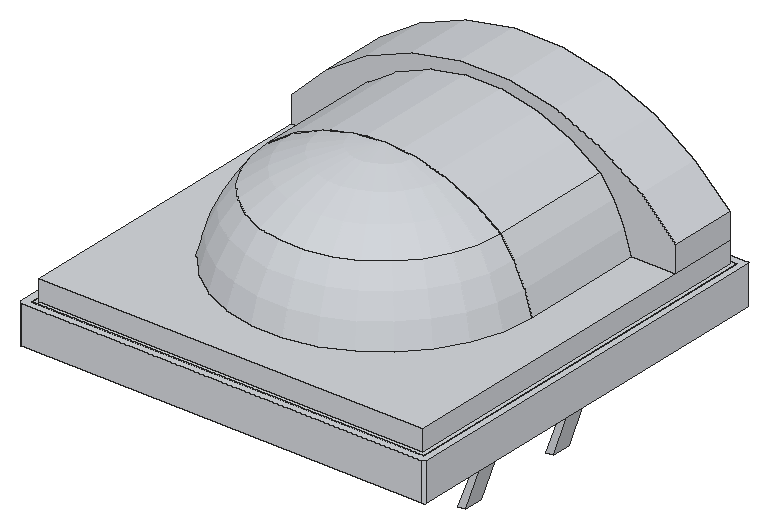
Revit family "Gira_5376600", category Electrical Fixtures, host Face, Revit 2017
Family settings
  Host = Face
  Maintain Annotation Orientation = Yes
  Round Connector Dimension = Use Diameter
  Part Type = Normal
  Cut with Voids When Loaded = No
  Shared = No
  Room Calculation Point = No
Parameters (values of type "S3000 motion detec.top 2.20 m Komfort BT System 55 stainl.steel(lac.)")
  URL = "http://katalog.gira.de/en/datenblatt.html?artikelnr=5376600"
  Name = "S3000 motion detec.top 2.20 m Komfort BT System 55 stainl.steel(lac.)"
  Model = "Movement sensor"
  Manufacturer URL = "https://www.gira.de/"
  Manufacturer = "Gira"
  Keynote = ""
  HeinzeBIM = "https://bimportal.heinze.de/bim/s3000-motion-detec-top-2-20-m-komfort-bt-system-55-stainl-steel-lac-/74f51df8dca41e5d1dd38af066bb651e61765dc2"
  HAN = "5376600"
  GTIN = "4010337050674"
  Description = "S3000 mot.det.top 2.20m Kmf BT Sys55 SST,System 3000 motion detector top unit 2.20 m Komfort BT,System 55,stainless steel (lacquered),Features:,- Automatic switching of lighting, depending on the movement of heat and ambient brightness.,- Operation with System 3000 switching or dimming insert or 3-wire auxiliary insert.,- Expansion of the detection range in combination with the 3-wire auxiliary insert.,- When connecting a System 3000 auxiliary insert with an operating top unit or mechanical button to the main unit, the lighting can be switched on or dimmed for the duration of the delay time.,- Device facilitates manual switchover between automatic, always-on and always-off.,With System 3000 switching insert:,- Short-term operation.,With System 3000 dimming insert:,- Switch on with the last brightness set, or a saved switch-on brightness.,- The switch-on brightness can only be saved permanently via the System 3000 auxiliary insert with operating top unit.,Functions with the Gira Bluetooth app:,- Set the brightness threshold.,- Individually adjustable sensitivity of the two sensors (0, 25, 50, 75, 100 %).,- Set the delay time.,- Override functions: Automatic mode, permanently on off, time-limited on off for 0.5 to 5 hours.,- Occupied-home simulation.,- Switch-off pre-warning.,- Day mode.,- Walking test.,- Switch on with the last brightness set, or a saved switch-on brightness in combination with a dimming insert."
  Default Elevation = 1219.2 mm
  Data sheet (1) = "https://katalog.gira.de/en/download.html?artikelnr=5376600"
  Category = "Sensor element for movement sensor"
  BIM (1) = "https://media.stage.bim.site/public/gira/36a6b08/Bewegungsmelder_2,20m.rfa"
  Available = "No"
Reference planes
  plane 1 "Center (Front/Back)": y = 0
  plane 2: z = 0
  plane 3 "Center (Left/Right)": x = 0
Forms (mm)
  Extrusion 1, solid, detail levels fine
    sketch origin (0, 0, 0) x (1, 0, 0) y (0, 0, 1)
      loop
        line (-33.25, 14.602) -> (-33.25, 10.1) -> (33.25, 10.1) -> (33.25, 14.602)
        arc (33.25, 14.602) -> (0, 30.256) -> (-33.25, 14.602) r 43.139
    from -33.25 to -21.609
  Extrusion 2, solid, detail levels fine
    sketch origin (0, 0, 0) x (1, 0, 0) y (0, 1, 0)
      loop
        line (-33.25, 33.25) -> (-33.25, -33.25) -> (33.25, -33.25) -> (33.25, 33.25) -> (-33.25, 33.25)
    from 6.6 to 10.1
  Extrusion 3, solid, detail levels fine
    sketch origin (0, 0, 0) x (1, 0, 0) y (0, 0, 1)
      loop
        arc (20.138, 21.225) -> (0, 28.457) -> (-20.138, 21.225) r 31.652
        arc (-20.138, 21.225) -> (-23.48, 15.984) -> (-25.486, 10.1) r 26.053
        line (-25.486, 10.1) -> (25.486, 10.1)
        arc (25.486, 10.1) -> (23.48, 15.984) -> (20.138, 21.225) r 26.053
    from -21.609 to 0
  Revolve 4, solid, detail levels fine
    sketch origin (0, 0, 0) x (1, 0, 0) y (0, 0, 1)
      loop
        arc (0, 28.457) -> (-10.699, 26.594) -> (-20.138, 21.225) r 31.652
        arc (-20.138, 21.225) -> (-23.48, 15.984) -> (-25.486, 10.1) r 26.053
        line (-25.486, 10.1) -> (0, 10.1) -> (0, 28.457)
      axis (0, 28.457) -> (0, 10.1)
    angle from -180 to 0
  Extrusion 5, solid, detail levels fine
    sketch origin (0, 0, 0) x (1, 0, 0) y (0, 1, 0)
      loop
        spline (-34.7, 35.2) -> (-34.765, 35.196) -> (-34.829, 35.183) -> (-34.891, 35.162) -> (-34.95, 35.133) -> (-35.004, 35.097) -> (-35.054, 35.054) -> (-35.097, 35.004) -> (-35.133, 34.95) -> (-35.162, 34.891) -> (-35.183, 34.829) -> (-35.196, 34.765) -> (-35.2, 34.7)
        line (-35.2, 34.7) -> (-35.2, -34.7)
        spline (-35.2, -34.7) -> (-35.196, -34.765) -> (-35.183, -34.829) -> (-35.162, -34.891) -> (-35.133, -34.95) -> (-35.097, -35.004) -> (-35.054, -35.054) -> (-35.004, -35.097) -> (-34.95, -35.133) -> (-34.891, -35.162) -> (-34.829, -35.183) -> (-34.765, -35.196) -> (-34.7, -35.2)
        line (-34.7, -35.2) -> (34.7, -35.2)
        spline (34.7, -35.2) -> (34.765, -35.196) -> (34.829, -35.183) -> (34.891, -35.162) -> (34.95, -35.133) -> (35.004, -35.097) -> (35.054, -35.054) -> (35.097, -35.004) -> (35.133, -34.95) -> (35.162, -34.891) -> (35.183, -34.829) -> (35.196, -34.765) -> (35.2, -34.7)
        line (35.2, -34.7) -> (35.2, 34.7)
        spline (35.2, 34.7) -> (35.196, 34.765) -> (35.183, 34.829) -> (35.162, 34.891) -> (35.133, 34.95) -> (35.097, 35.004) -> (35.054, 35.054) -> (35.004, 35.097) -> (34.95, 35.133) -> (34.891, 35.162) -> (34.829, 35.183) -> (34.765, 35.196) -> (34.7, 35.2)
        line (34.7, 35.2) -> (-34.7, 35.2)
      loop
        line (-33.986, 33.986) -> (-33.986, -33.986) -> (33.986, -33.986) -> (33.986, 33.986) -> (-33.986, 33.986)
    from 0 to 6.6
  Extrusion 6, solid, detail levels fine
    sketch origin (0, 0, 0) x (1, 0, 0) y (0, 1, 0)
      loop
        line (-33.986, 33.986) -> (-33.986, -33.986) -> (33.986, -33.986) -> (33.986, 33.986) -> (-33.986, 33.986)
    from 5 to 6.6
  Extrusion 7, solid
    sketch origin (0, 0, 0) x (1, 0, 0) y (0, 1, 0)
      loop
        line (-23.656, 22.752) -> (-23.656, -22.748)
        arc (-23.656, -22.748) -> (-23.409, -23.369) -> (-22.801, -23.65) r 0.904
        line (-22.801, -23.65) -> (22.796, -23.65)
        arc (22.796, -23.65) -> (23.404, -23.369) -> (23.656, -22.748) r 0.904
        line (23.656, -22.748) -> (23.652, 22.752)
        arc (23.652, 22.752) -> (23.404, 23.374) -> (22.796, 23.655) r 0.904
        line (22.796, 23.655) -> (-22.801, 23.655)
        arc (-22.801, 23.655) -> (-23.409, 23.374) -> (-23.656, 22.752) r 0.904
    from -3.2 to 5
  Extrusion 8, solid, detail levels fine
    sketch origin (0, 0, 0) x (1, 0, 0) y (0, 1, 0)
      loop
        line (-27.334, -25) -> (-26.366, -25) -> (-26.366, 26.298) -> (26.366, 26.298) -> (26.366, -25) -> (27.334, -25) -> (27.334, 27.402) -> (-27.334, 27.402) -> (-27.334, -25)
    from -1.1 to 5
  Extrusion 9, solid, detail levels fine
    sketch origin (0, 0, 0) x (1, 0, 0) y (0, 1, 0)
      loop
        line (-5.141, 20.682) -> (-5.141, 15.098)
        spline (-5.141, 15.098) -> (-5.133, 14.968) -> (-5.107, 14.84) -> (-5.065, 14.716) -> (-5.007, 14.599) -> (-4.935, 14.49) -> (-4.849, 14.391) -> (-4.75, 14.305) -> (-4.641, 14.233) -> (-4.524, 14.175) -> (-4.4, 14.133) -> (-4.272, 14.107) -> (-4.142, 14.099)
        line (-4.142, 14.099) -> (4.142, 14.099)
        spline (4.142, 14.099) -> (4.272, 14.107) -> (4.4, 14.133) -> (4.524, 14.175) -> (4.641, 14.233) -> (4.75, 14.305) -> (4.849, 14.391) -> (4.935, 14.49) -> (5.007, 14.599) -> (5.065, 14.716) -> (5.107, 14.84) -> (5.133, 14.968) -> (5.141, 15.098)
        line (5.141, 15.098) -> (5.141, 20.682)
        spline (5.141, 20.682) -> (5.133, 20.812) -> (5.107, 20.94) -> (5.065, 21.064) -> (5.007, 21.181) -> (4.935, 21.29) -> (4.849, 21.389) -> (4.75, 21.475) -> (4.641, 21.547) -> (4.524, 21.605) -> (4.4, 21.647) -> (4.272, 21.673) -> (4.142, 21.681)
        line (4.142, 21.681) -> (-4.142, 21.681)
        spline (-4.142, 21.681) -> (-4.272, 21.673) -> (-4.4, 21.647) -> (-4.524, 21.605) -> (-4.641, 21.547) -> (-4.75, 21.475) -> (-4.849, 21.389) -> (-4.935, 21.29) -> (-5.007, 21.181) -> (-5.065, 21.064) -> (-5.107, 20.94) -> (-5.133, 20.812) -> (-5.141, 20.682)
    from -19.6 to -3.2
  Extrusion 10, solid, detail levels fine
    sketch origin (0, 0, 0) x (1, 0, 0) y (0, 0, 1)
      loop
        line (-24.966, -3.825) -> (-25.395, -8.726) -> (-23.048, -15.543) -> (-21.665, -15.713) -> (-24.338, -8.563) -> (-23.422, -1.1) -> (-25.014, -1.1) -> (-24.966, -3.825)
      loop
        line (24.966, -3.825) -> (25.014, -1.1) -> (23.422, -1.1) -> (24.338, -8.563) -> (21.665, -15.713) -> (23.048, -15.543) -> (25.395, -8.726) -> (24.966, -3.825)
    from -11.1 to -7.9
  Extrusion 11, solid, detail levels fine
    sketch origin (0, 0, 0) x (1, 0, 0) y (0, 0, -1)
      loop
        line (-24.966, 3.825) -> (-25.014, 1.1) -> (-23.422, 1.1) -> (-24.338, 8.563) -> (-21.665, 15.713) -> (-23.048, 15.543) -> (-25.395, 8.726) -> (-24.966, 3.825)
      loop
        line (24.966, 3.825) -> (25.395, 8.726) -> (23.048, 15.543) -> (21.665, 15.713) -> (24.338, 8.563) -> (23.422, 1.1) -> (25.014, 1.1) -> (24.966, 3.825)
    from -11.1 to -7.9
  Extrusion 12, solid
    sketch origin (0, 0, 0) x (1, 0, 0) y (0, 1, 0)
      loop
        line (-23.656, 22.752) -> (-23.656, -22.748)
        arc (-23.656, -22.748) -> (-23.409, -23.369) -> (-22.801, -23.65) r 0.904
        line (-22.801, -23.65) -> (22.796, -23.65)
        arc (22.796, -23.65) -> (23.404, -23.369) -> (23.656, -22.748) r 0.904
        line (23.656, -22.748) -> (23.652, 22.752)
        arc (23.652, 22.752) -> (23.404, 23.374) -> (22.796, 23.655) r 0.904
        line (22.796, 23.655) -> (-22.801, 23.655)
        arc (-22.801, 23.655) -> (-23.409, 23.374) -> (-23.656, 22.752) r 0.904
    from -3.2 to 5
  Extrusion 13, solid, detail levels medium
    sketch origin (0, 0, 0) x (1, 0, 0) y (0, 1, 0)
      loop
        line (-35.2, 35.2) -> (-35.2, -35.2) -> (35.2, -35.2) -> (35.2, 35.2) -> (-35.2, 35.2)
    from 0 to 6.6
  Extrusion 14, solid, detail levels medium
    sketch origin (0, 0, 0) x (1, 0, 0) y (0, 1, 0)
      loop
        line (-33.25, 33.25) -> (-33.25, -33.25) -> (33.25, -33.25) -> (33.25, 33.25) -> (-33.25, 33.25)
    from 6.6 to 30.256
  Extrusion 15, solid, detail levels medium
    sketch origin (0, 0, 0) x (1, 0, 0) y (0, 1, 0)
      loop
        line (-23.656, 23.655) -> (-23.656, -23.65) -> (23.656, -23.65) -> (23.656, 23.655) -> (-23.656, 23.655)
    from -3.2 to 5
  Extrusion 16, solid, detail levels medium
    sketch origin (0, 0, 0) x (1, 0, 0) y (0, 0, 1)
      loop
        line (-25.014, -1.1) -> (-25.014, -15.713) -> (-21.665, -15.713) -> (-21.665, -1.1) -> (-25.014, -1.1)
      loop
        line (25.014, -1.1) -> (21.665, -1.1) -> (21.665, -15.713) -> (25.014, -15.713) -> (25.014, -1.1)
    from -11.1 to -7.9
  Extrusion 17, solid, detail levels medium
    sketch origin (0, 0, 0) x (1, 0, 0) y (0, 0, -1)
      loop
        line (-25.014, 1.1) -> (-21.665, 1.1) -> (-21.665, 15.713) -> (-25.014, 15.713) -> (-25.014, 1.1)
      loop
        line (25.014, 1.1) -> (25.014, 15.713) -> (21.665, 15.713) -> (21.665, 1.1) -> (25.014, 1.1)
    from -11.1 to -7.9
  Extrusion 18, solid, detail levels medium
    sketch origin (0, 0, 0) x (1, 0, 0) y (0, 1, 0)
      loop
        line (-5.141, 14.099) -> (5.141, 14.099) -> (5.141, 21.681) -> (-5.141, 21.681) -> (-5.141, 14.099)
    from -19.6 to -3.2
  Extrusion 19, solid, detail levels coarse
    sketch origin (0, 0, 0) x (1, 0, 0) y (0, 1, 0)
      loop
        line (-35.2, 35.2) -> (-35.2, -35.2) -> (35.2, -35.2) -> (35.2, 35.2) -> (-35.2, 35.2)
    from -19.6 to 30.256
Dimensions and locks
  aligned and locked: plane 2 to host face
  aligned and locked: level to host face
  aligned and locked: nested 1 to plane 3 "Center (Left/Right)"
  aligned and locked: plane 1 "Center (Front/Back)" to nested 1
Nested families
  nested 1: "Belegungssensor - Bewegung - Aufputz - Beschriftung" at (0, 0, 0) x (0, -1, 0) z (0, 0, 1), type "Belegungssensor - Bewegung - Aufputz - Beschriftung"
Connectors
  electrical at (0, 0, -19.6)
    settings: on Extrusion 19, index 1, voltage 220 V, apparent load 0 VA, apparent load phase1 0 VA, apparent load phase2 0 VA, apparent load phase3 0 VA, power factor 1, load classification "Other", number of poles 1, system type 30, power factor state 1, is connector primary yes, connector utility no, sub classification motor no, connector description ""
Definition of nested family "Belegungssensor - Bewegung - Aufputz - Beschriftung"
  Reference planes
    plane 1: y = 0
    plane 2: x = 0
  Lines and regions (mm)
    Filled region 1, type "Gefüllter Bereich 1"
      outline origin (143.425, -20.712, 0) x (1, 0, 0) y (0, 1, 0)
        loop
          line (-148.697, 21.204) -> (-148.697, 20.409) -> (-147.583, 20.807) -> (-148.697, 21.204)
    Filled region 2, type "Gefüllter Bereich 1"
      outline origin (141.808, 30.001, 0) x (0.939693, 0.34202, 0) y (-0.34202, 0.939693, 0)
        loop
          line (-148.694, 21.203) -> (-148.694, 20.41) -> (-147.583, 20.807) -> (-148.694, 21.203)
    Filled region 3, type "Gefüllter Bereich 1"
      outline origin (141.819, -29.825, 0) x (-0.34202, -0.939693, 0) y (0.939693, -0.34202, 0)
        loop
          line (21.204, -148.697) -> (20.807, -147.583) -> (20.409, -148.697) -> (21.204, -148.697)
    detail lines
      curve 1: line (-1.207, 0.095, 0) -> (-3.486, 1.411, 0)
      curve 2: line (-1.207, 0.095, 0) -> (-3.486, -1.221, 0)
      curve 5: arc (-3.252, 1.752, 0) -> (-3.839, 0.095, 0) -> (-3.252, -1.562, 0) r 2.632
      curve 6: line (-6, 3, 0) -> (0, 3, 0)
      curve 7: line (-6, -3, 0) -> (-6, 3, 0)
      curve 8: line (0, -3, 0) -> (-6, -3, 0)
      curve 9: line (0, 3, 0) -> (0, -3, 0)
    reference lines
      curve 3: line (-1.207, 0.095, 0) -> (-3.616, 2.046, 0)
      curve 4: line (-1.207, 0.095, 0) -> (-3.616, -1.856, 0)
  Dimensions and locks
    curve 1 to curve 1 = 2.632 mm
    curve 2 to curve 2 = 2.632 mm
    curve 6 to curve 8 = 6 mm
    curve 7 to curve 9 = 6 mm
    angle curve 1 to curve 2 = 60.00°
    aligned and locked: curve 6 to curve 7
    aligned and locked: curve 9 to curve 9
